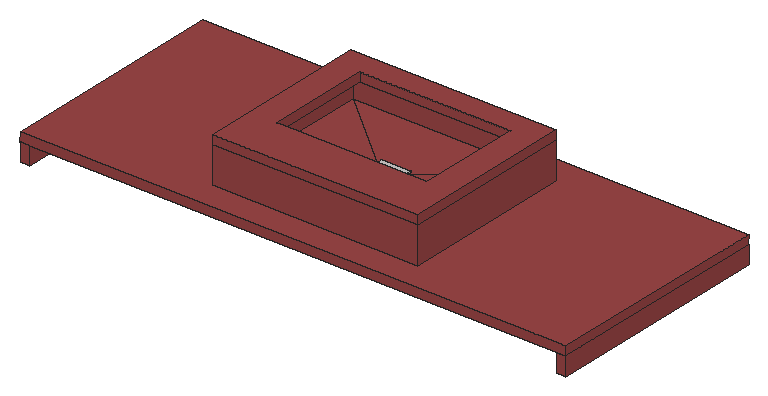
Revit family "Sanitary_Basins_Cosentino_Simmetry", category Plumbing Fixtures, host Wall, Revit 2020
Family settings
  Host = Wall
  Round Connector Dimension = Use Diameter
  Part Type = Normal
  Always vertical = Yes
  Cut with Voids When Loaded = No
  Shared = No
  Room Calculation Point = No
Parameters (values of type "450x380x100mm")
  Ι_Wdth Cntrl [instance] = if(Width < 500 mm, 500 mm, if(Width > 600 mm, 600 mm, Width))  # 500 mm
  Ι_Vd Dstnc [instance] = if(Tap Hole, 20 mm, 40 mm)  # 40 mm
  Ι_Typ Ntgr = 1
  Ι_SW = if(Ι_Typ Ntgr = 1, 380 mm, if(Ι_Typ Ntgr = 2, 400 mm, 450 mm))  # 380 mm
  Ι_SL = if(Ι_Typ Ntgr = 1, 450 mm, if(Ι_Typ Ntgr = 2, 500 mm, 700 mm))  # 450 mm
  Ι_Lngth Cntrl [instance] = if(Length < 1200 mm, 1200 mm, if(Length > 3000 mm, 3000 mm, Length))  # 1200 mm
  Ι_Ffst 2 [instance] = if(Front Offset < 50 mm, 50 mm, 80 mm)  # 80 mm
  Ι_Ffst [instance] = if((Side Offset < Ι_SO_mn), Ι_SO_mn, if(and((Side Offset > Ι_SO_mx), (Ι_Lngth Cntrl - Side Offset) > (490 mm + Ι_SO_mn)), Ι_SO_mx, if(and((Side Offset > Ι_SO_mx), Side Offset > (Ι_Lngth Cntrl - 490 mm - Ι_SO_mn)), Ι_Lngth Cntrl - 490 mm - Ι_SO_mn, if(and((Ι_Lngth Cntrl - Ι_SO_mn - 490 mm) > Ι_SO_mx, Side Offset > Ι_SO_mx), Ι_SO_mx, if(and((Ι_Lngth Cntrl - Ι_SO_mx - 490 mm) > Ι_SO_mn, Side Offset > Ι_SO_mn), Ι_SO_mn, if((Ι_Lngth Cntrl - Side Offset) < (490 mm + 2 * Ι_SO_mn), Ι_SO_mn, Side Offset))))))  # 100 mm
  Width [instance] = 500 mm
  Vent Connection = no
  URL = "www.cosentino.com"
  Tap Hole [instance] = no
  Standard Edge [instance] = yes
  Side Offset [instance] = Length / 2  # 600 mm
  Ι_SO_mn [instance] = if(Standard Edge, 100 mm, 120 mm)  # 100 mm
  Ι_SO_mx [instance] = if(Standard Edge, 2410 mm, 2370 mm)  # 2410 mm
  Product data url = "https://www.bimobject.com/cosentino/product/cosentino-simmetry"
  Product Material = Natural Stone - Cosentino - Silestone - White Diamond - Polished
  Product Guid = "d8d93853-c9d2-4956-bf76-13dd13bc0bb1"
  Model = "Simmetry"
  Manufacturer = "Cosentino"
  Length [instance] = 1200 mm
  Keynote = "10800"
  Height [instance] = if(Standard Edge, 160 mm, 120 mm)  # 160 mm
  HW Connection = no
  Front Offset [instance] = 80 mm  # constant formula
  Edition number = 1
  Description = "The basin is one of the stars of your bathroom. Cosentino offers unique designs which fit smoothly into your room, your style, and the needs of your family.\r\n\r\nWhether it’s for a master bathroom or a downstairs WC, we have the perfect product to transform your bathroom into a warm, welcoming space."
  Default Elevation = 0 mm
  CW Connection = no
  Assembly Code = "D2010400"
Reference planes
  plane 1 "Wall": y = 0
  plane 2 "Center (Left/Right)": x = 125
  plane 3 "Back": y = 75
  plane 4: x = -475
  plane 5: x = 725
  plane 6 "Front": y = 575
  plane 7: x = -455
  plane 8: x = 705
  plane 9 "Top": z = 900
  plane 10: x = -100
  plane 11: x = 125
  plane 12: x = 350
  plane 13: y = 515
  plane 14: y = 555
  plane 15: y = 135
  plane 16: y = 325
  plane 17: z = 740
  plane 18: z = 820
  plane 19: z = 800
  plane 20 "Void": z = 860
  plane 21: z = 775
  plane 22: z = 817.5
  plane 23: z = 780
  plane 24: z = 880
Forms (mm)
  Extrusion 1, solid, material "Natural Stone - Cosentino - Silestone - White Diamond - Polished" <- "Product Material", detail levels medium+fine
    sketch origin (0, 0, 900) x (1, 0, 0) y (0, 1, 0)
      loop
        line (-475, 575) -> (-475, 75) -> (725, 75) -> (725, 575) -> (-475, 575)
      loop
        circle (125, 325) r 40
    from -100 to -120
  Extrusion 2, void
    sketch origin (0, 0, 900) x (1, 0, 0) y (0, 1, 0)
      loop
        circle (125, 185) r 15.875
    from -40 to -20
  Extrusion 3, solid, material "Natural Stone - Cosentino - Silestone - White Diamond - Polished" <- "Product Material", visible <- "Standard Edge", detail levels medium+fine
    sketch origin (0, 0, 900) x (1, 0, 0) y (0, 1, 0)
      loop
        line (-475, 575) -> (-475, 75) -> (-455, 75) -> (-455, 555) -> (705, 555) -> (705, 75) -> (725, 75) -> (725, 575) -> (-475, 575)
    from -160 to -120
  Extrusion 4, solid, not visible
    sketch origin (2359.306, 225, 800) x (1, 0, 0) y (0, 1, 0)
      loop
        circle (-2234.306, 100) r 1
    from 0 to 1
  Extrusion 5, solid, material "Natural Stone - Cosentino - Silestone - White Diamond - Polished" <- "Product Material", detail levels fine
    sketch origin (2359.306, 225, 800) x (1, 0, 0) y (0, 1, 0)
      loop
        line (-2459.306, -90) -> (-2009.306, -90) -> (-2009.306, 290) -> (-2459.306, 290) -> (-2459.306, -90)
    from 0 to 20
  Extrusion 6, solid, material "Natural Stone - Cosentino - Silestone - White Diamond - Polished" <- "Product Material", detail levels fine
    sketch origin (2359.306, 225, 800) x (1, 0, 0) y (0, 1, 0)
      loop
        line (-2009.306, -90) -> (-2009.306, 290) -> (-2459.306, 290) -> (-2459.306, -90) -> (-2009.306, -90)
      loop
        line (-2439.306, -70) -> (-2029.306, -70) -> (-2029.306, 270) -> (-2439.306, 270) -> (-2439.306, -70)
    from 20 to 80
  Revolve 7, void
    sketch origin (-920.737, 325, 1200) x (-1, 0, 0) y (0, 0, 1)
      loop
        line (-1045.737, -400) -> (-1045.737, -380) -> (-1077.237, -380) -> (-1077.237, -385) -> (-1067.237, -387) -> (-1067.237, -400) -> (-1045.737, -400)
      axis (-1045.737, -400) -> (-1045.737, -380)
    angle from 0 to 360
  Extrusion 8, solid, material "Natural Stone - Cosentino - Silestone - White Diamond - Polished" <- "Product Material", detail levels coarse
    sketch origin (2359.306, 225, 800) x (1, 0, 0) y (0, 1, 0)
      loop
        line (-2834.306, 350) -> (-2834.306, -150) -> (-1634.306, -150) -> (-1634.306, 350) -> (-2834.306, 350)
    from -60 to 100
  Extrusion 9, solid, material "Natural Stone - Cosentino - Silestone - White Diamond - Polished" <- "Product Material", detail levels medium
    sketch origin (2359.306, 225, 800) x (1, 0, 0) y (0, 1, 0)
      loop
        line (-2459.306, 290) -> (-2459.306, -90) -> (-2009.306, -90) -> (-2009.306, 290) -> (-2459.306, 290)
    from 0 to 17.5
  Extrusion 10, solid, material "Natural Stone - Cosentino - Silestone - White Diamond - Polished" <- "Product Material", detail levels medium
    sketch origin (2359.306, 225, 820) x (1, 0, 0) y (0, 1, 0)
      loop
        line (-2459.306, 290) -> (-2459.306, -90) -> (-2009.306, -90) -> (-2009.306, 290) -> (-2459.306, 290)
      loop
        line (-2029.306, 270) -> (-2439.306, 270) -> (-2439.306, -70) -> (-2029.306, -70) -> (-2029.306, 270)
    from -2.5 to 60
  Extrusion 11, void
    sketch origin (2359.306, 225, 775) x (1, 0, 0) y (0, 1, 0)
      loop
        circle (-2234.306, 100) r 15.875
    from -35 to 25
  Blend 12, void
    base sketch origin (2359.306, 225, 820) x (1, 0, 0) y (0, 1, 0)
      loop
        line (-2439.306, 270) -> (-2439.306, -70) -> (-2029.306, -70) -> (-2029.306, 270) -> (-2439.306, 270)
    top sketch origin (2359.306, 225, 820) x (1, 0, 0) y (0, 1, 0)
      loop
        line (-2261.17, 116.448) -> (-2261.17, 83.552) -> (-2207.441, 83.552) -> (-2207.441, 116.448) -> (-2261.17, 116.448)
    from 0 to -2.5
  Extrusion 13, solid, material "Metal - Cosentino - Stainless Steel", detail levels medium+fine
    sketch origin (2359.306, 225, 820) x (1, 0, 0) y (0, 1, 0)
      loop
        line (-2264.806, 67.5) -> (-2203.806, 67.5)
        arc (-2203.806, 67.5) -> (-2202.391, 68.086) -> (-2201.806, 69.5) r 2
        line (-2201.806, 69.5) -> (-2201.806, 130.5)
        arc (-2201.806, 130.5) -> (-2202.391, 131.914) -> (-2203.806, 132.5) r 2
        line (-2203.806, 132.5) -> (-2264.806, 132.5)
        arc (-2264.806, 132.5) -> (-2266.22, 131.914) -> (-2266.806, 130.5) r 2
        line (-2266.806, 130.5) -> (-2266.806, 69.5)
        arc (-2266.806, 69.5) -> (-2266.22, 68.086) -> (-2264.806, 67.5) r 2
    from 0 to -2
  Extrusion 14, solid, material "Natural Stone - Cosentino - Silestone - White Diamond - Polished" <- "Product Material", detail levels medium+fine
    sketch origin (2359.306, 225, 900) x (1, 0, 0) y (0, 1, 0)
      loop
        line (-2459.306, -90) -> (-2009.306, -90) -> (-2009.306, 290) -> (-2459.306, 290) -> (-2459.306, -90)
      loop
        line (-2069.306, 240) -> (-2399.306, 240) -> (-2399.306, 10) -> (-2069.306, 10) -> (-2069.306, 240)
    from -20 to 0
Cuts and joins
  Revolve 7, Blend 12 cuts Extrusion 5
  Revolve 7 cuts Extrusion 6
  joined: Extrusion 5, Extrusion 6
  Extrusion 11 cuts Extrusion 8
  joined: Extrusion 9, Extrusion 10
  Extrusion 2 cuts Extrusion 14
Text (mm)
  text "Placement Side" at (-1848.837, 1116.779, 0), in view "Ref. Level"
  text "Placement side" at (0, 1409.804, 2854.306), in view "Left"
  text "Placement side" at (0, 499.811, 2980.732), in view "Right"
Dimensions and locks
  locked: plane 3 "Back" to host wall
  locked: plane 4 to plane 7 at 20
  locked: plane 8 to plane 5 at 20
  "Ι_Lngth Cntrl": plane 4 to plane 5
  equal spacing: plane 10, plane 11, plane 12
  "Ι_SL": plane 10 to plane 12
  locked: plane 6 "Front" to plane 14 at 20
  "Ι_SW": plane 13 to plane 15
  locked: plane 19 to plane 18 at 20
  locked: plane 19 to plane 9 "Top" at 100
  locked: plane 20 "Void" to Extrusion 2 at 20
  locked: plane 21 to plane 9 "Top" at 125
  equal spacing: plane 4, plane 2 "Center (Left/Right)", plane 5
  Revolve 7 sketch curve to Revolve 7 sketch curve to plane 11 = 10 mm locked, 21.5 mm locked
  plane 19 to Revolve 7 sketch curve to Revolve 7 sketch curve = 13 mm locked, 2 mm locked
  locked: plane 22 to plane 18 at 2.5
  locked: Extrusion 13 sketch curve to Extrusion 13 sketch curve at 65  (x2)
  equal spacing: Extrusion 13 sketch curve, plane 11, Extrusion 13 sketch curve
  equal spacing: Extrusion 13 sketch curve, plane 16, Extrusion 13 sketch curve
  locked: Extrusion 13 to plane 18 at 2
  Extrusion 13 sketch curve to plane 11 to Extrusion 13 sketch curve = 30.5 mm locked, 30.5 mm locked  (x2)
  Extrusion 13 sketch curve to plane 16 to Extrusion 13 sketch curve = 30.5 mm locked, 30.5 mm locked  (x2)
  locked: plane 23 to plane 19 at 20
  Blend 12 sketch curve to plane 11 to Blend 12 sketch curve = 26.865 mm locked, 26.865 mm locked
  Blend 12 sketch curve to plane 16 to Blend 12 sketch curve = 16.448 mm locked, 16.448 mm locked
  "Ι_Wdth Cntrl": plane 3 "Back" to plane 6 "Front"
  equal spacing: plane 13, plane 16, plane 15
  equal spacing: plane 6 "Front", plane 16, plane 3 "Back"
  locked: plane 17 to plane 19 at 60
  plane 19 to plane 9 "Top" = 100 mm
  locked: plane 24 to plane 9 "Top" at 20
  locked: plane 10 to Extrusion 14 sketch curve at 60
  locked: Extrusion 14 sketch curve to plane 12 at 60
  locked: plane 13 to Extrusion 14 sketch curve at 50
  locked: Extrusion 14 sketch curve to plane 15 at 100
  locked: plane 10 to Extrusion 10 sketch curve at 20
  locked: Extrusion 10 sketch curve to plane 12 at 20
  locked: plane 13 to Extrusion 10 sketch curve at 20
  locked: Extrusion 10 sketch curve to plane 15 at 20
  locked: plane 10 to Extrusion 6 sketch curve at 20
  locked: Extrusion 6 sketch curve to plane 12 at 20
  locked: plane 13 to Extrusion 6 sketch curve at 20
  locked: Extrusion 6 sketch curve to plane 15 at 20
  locked: Blend 12 sketch curve to plane 15 at 20
  locked: plane 13 to Blend 12 sketch curve at 20
  locked: plane 10 to Blend 12 sketch curve at 20
  locked: Blend 12 sketch curve to plane 12 at 20
  locked: Extrusion 2 sketch curve to plane 15 at 50
  "Ι_Vd Dstnc": plane 20 "Void" to plane 9 "Top"
  aligned and locked: plane 1 "Wall" to host wall
  aligned and locked: Extrusion 1 sketch curve to plane 3 "Back"
  aligned and locked: Extrusion 1 sketch curve to plane 6 "Front"
  aligned and locked: plane 5 to Extrusion 1 sketch curve
  aligned and locked: plane 4 to Extrusion 1 sketch curve
  aligned and locked: plane 11 to Extrusion 2 sketch curve
  aligned and locked: Extrusion 2 to plane 20 "Void"
  aligned and locked: plane 6 "Front" to Extrusion 3 sketch curve
  aligned and locked: Extrusion 3 sketch curve to plane 4
  aligned and locked: plane 7 to Extrusion 3 sketch curve
  aligned and locked: Extrusion 3 sketch curve to plane 14
  aligned and locked: Extrusion 3 sketch curve to plane 5
  aligned and locked: plane 8 to Extrusion 3 sketch curve
  aligned and locked: plane 3 "Back" to Extrusion 3 sketch curve  (x2)
  aligned and locked: plane 17 to Extrusion 3
  aligned and locked: plane 11 to Extrusion 4 sketch curve
  aligned and locked: plane 16 to Extrusion 4 sketch curve
  aligned and locked: plane 18 to Extrusion 5
  aligned and locked: plane 10 to Extrusion 6 sketch curve
  aligned and locked: Extrusion 6 sketch curve to plane 13
  aligned and locked: Extrusion 6 sketch curve to plane 12
  aligned and locked: plane 15 to Extrusion 6 sketch curve
  aligned and locked: Extrusion 6 to plane 18
  aligned and locked: Revolve 7 sketch curve to plane 11  (x2)
  aligned and locked: plane 19 to Revolve 7 sketch curve
  aligned and locked: plane 18 to Revolve 7 sketch curve
  aligned and locked: plane 5 to Extrusion 8 sketch curve
  aligned and locked: Extrusion 8 sketch curve to plane 3 "Back"
  aligned and locked: Extrusion 8 sketch curve to plane 6 "Front"
  aligned and locked: plane 4 to Extrusion 8 sketch curve
  aligned and locked: plane 9 "Top" to Extrusion 8
  aligned and locked: plane 11 to Extrusion 11 sketch curve
  aligned and locked: plane 16 to Extrusion 11 sketch curve
  aligned and locked: plane 19 to Extrusion 11
  aligned and locked: Blend 12 to plane 22
  aligned and locked: plane 22 to Extrusion 9
  aligned and locked: Extrusion 10 to plane 22
  aligned and locked: plane 16 to Extrusion 1 sketch curve
  aligned and locked: plane 11 to Extrusion 1 sketch curve
  aligned and locked: plane 23 to Extrusion 3
  aligned and locked: cut or joined group of Extrusion 8, Extrusion 11 to plane 17  (x2)
  aligned and locked: plane 2 "Center (Left/Right)" to plane 11
  aligned and locked: plane 24 to Extrusion 10
  aligned and locked: plane 24 to cut or joined group of Extrusion 5, Extrusion 6, Revolve 7, Blend 12
  aligned and locked: plane 12 to Extrusion 14 sketch curve
  aligned and locked: plane 13 to Extrusion 14 sketch curve
  aligned and locked: Extrusion 14 sketch curve to plane 15
  aligned and locked: Extrusion 14 sketch curve to plane 10
  aligned and locked: Extrusion 14 to plane 9 "Top"
  aligned and locked: Extrusion 14 to plane 24
  aligned and locked: plane 15 to Extrusion 10 sketch curve
  aligned and locked: Extrusion 10 sketch curve to plane 12
  aligned and locked: plane 10 to Extrusion 10 sketch curve
  aligned and locked: Extrusion 10 sketch curve to plane 13
  aligned and locked: Extrusion 5 sketch curve to plane 10
  aligned and locked: plane 12 to Extrusion 5 sketch curve
  aligned and locked: plane 13 to Extrusion 5 sketch curve
  aligned and locked: Extrusion 5 sketch curve to plane 15
  aligned and locked: plane 10 to Extrusion 9 sketch curve
  aligned and locked: Extrusion 9 sketch curve to plane 12
  aligned and locked: Extrusion 9 sketch curve to plane 13
  aligned and locked: plane 15 to Extrusion 9 sketch curve
Automatic sketch dimensions
  Revolve 7 sketch curve to plane 21 = 200 mm
  plane 9 "Top" to Revolve 7 sketch curve = 340 mm
  radius of Extrusion 2 sketch curve = 15.875 mm
  radius of Extrusion 4 sketch curve = 1 mm
  radius of Extrusion 11 sketch curve = 15.875 mm
  radius of Extrusion 1 sketch curve = 40 mm
Connectors
  piping at (125, 325, 800), diameter 35
    settings: on Extrusion 4, index 1, connector inside diameter 609.6 mm, connector length 0 mm, flow factor 0, pipe flow 0.0 L/s, pressure drop 0.0 Pa, fitting loss kfactor 0, connector angle 0.00°, fixture units 0, engagement length 0 mm, angle of deflection 0.00°, flow configuration 3, flow direction 2, fitting loss method 0, system type 16, joint type 0, gender type 0, connector reference index -1, connector utility 0, adjustable connector no, is connector primary yes, connector description ""
